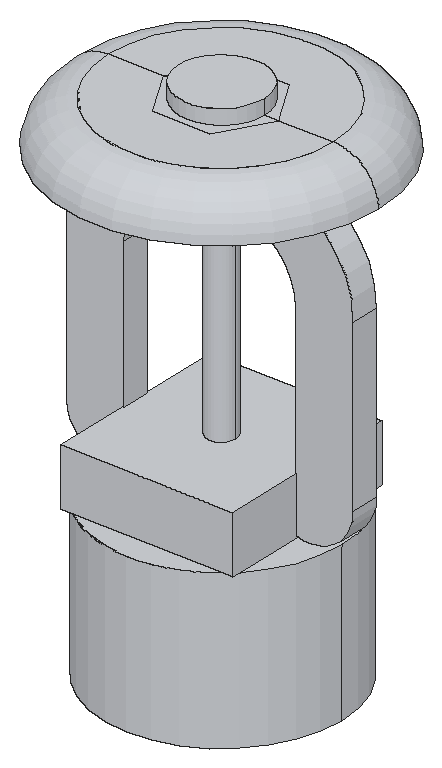
Revit family
Parameters (values of type "RASCO F1FR-300 UPRIGHT")
  Temperature Rating = 200 °F
  Response = 1
  RASCO SIN # = "R5622"
  RASCO Part # = "F1FRU2LC3"
  Pressure Rating = "300 PSI"
  Pressure Class = (empty or 0)
  Orifice Size = 17/32"
  Orifice = (empty or 0)
  Model = "F1FR-300"
  Manufacturer = "RASCO"
  K-Factor = 8
  Description = "Chrome Finish"
  Coverage = (empty or 0)
Reference planes (in)
  plane 1 "Center (Front/Back)": y = 0
  plane 2: z = 0
  plane 3 "Center (Left/Right)": x = 0
Dimensions and locks (in)
  aligned and locked: plane 2 to level
Nested families (in)
  nested 1: "F1FRU2LC3" at (0.11228, 0.02593, 0), type "RASCO F1FR-300 UPRIGHT"
Connectors (in)
  piping at (0.11228, 0.02593, 0)
    settings: on nested 1, index 1, connector radius 1/2", flow factor 0, pipe flow 0 GPM, pressure drop 0.00 psi, fitting loss kfactor 0, connector angle 0.00°, fixture units 0, flow configuration 0, flow direction 0, fitting loss method 0, system type 7, connector reference index -1, connector utility 0, adjustable connector no, is connector primary yes, fitting loss table "", connector description ""
Definition of nested family "F1FRU2LC3"
  Parameters (values of type "RASCO F1FR-300 UPRIGHT")
    Type Comments = ""
    Temperature Rating = 0 °F
    Response = (empty or 0)
    Pressure Rating = "0"
    Pressure Class = (empty or 0)
    Orifice Size = 0"
    Orifice = (empty or 0)
    Model = ""
    Manufacturer = ""
    K-Factor = 0
    Description = ""
    Coverage = (empty or 0)
    Assembly Code = ""
  Reference planes (in)
    plane 1 "Center (Front/Back)": y = 0
    plane 2: z = 0
    plane 3 "ref.2": z = 0.6875
    plane 4 "ref.3": z = 0.9375
    plane 5: x = -0.38065
    plane 6: x = 0.36935
    plane 7 "ref. side 1": y = 0.06402
    plane 8 "ref. side 2": y = -0.06098
    plane 9 "ref.4": z = 1.875
    plane 10 "ref.5": z = 2.3125
    plane 11 "ref.6": z = 2.4375
  Forms (in)
    Extrusion 1, solid
      sketch origin (0, 0, 0) x (1, 0, 0) y (0, 1, 0)
        loop
          circle (0, 0) r 0.5221
      from 0 to 0.6875
    Extrusion 2, solid
      sketch origin (-0.12185, 0.05177, 0.6875) x (1, 0, 0) y (0, 1, 0)
        loop
          line (-0.2588, 0.356) -> (-0.2588, -0.4565) -> (0.4912, -0.4565) -> (0.4912, 0.356) -> (-0.2588, 0.356)
      from 0 to 0.25
    Extrusion 3, solid
      sketch origin (0, 0, 0) x (1, 0, 0) y (0, 0, 1)
        loop
          line (-0.38065, 0.69674) -> (-0.38065, 1.58397)
          arc (-0.38065, 1.58397) -> (-0.29541, 1.78976) -> (-0.08962, 1.875) r 0.29103
          line (-0.08962, 1.875) -> (0.07524, 1.875)
          arc (0.07524, 1.875) -> (0.28321, 1.78886) -> (0.36935, 1.58089) r 0.29411
          line (0.36935, 1.58089) -> (0.36935, 0.69728)
          arc (0.36935, 0.69728) -> (0.54046, 0.72329) -> (0.61935, 0.87734) r 0.18984
          line (0.61935, 0.87734) -> (0.61935, 1.61676)
          arc (0.61935, 1.61676) -> (0.48879, 1.93194) -> (0.17361, 2.0625) r 0.44574
          line (0.17361, 2.0625) -> (-0.18509, 2.0625)
          arc (-0.18509, 2.0625) -> (-0.50015, 1.932) -> (-0.63065, 1.61694) r 0.44556
          line (-0.63065, 1.61694) -> (-0.63065, 0.87876)
          arc (-0.63065, 0.87876) -> (-0.55196, 0.72414) -> (-0.38065, 0.69674) r 0.19126
      from -0.06402 to 0.06098
    Extrusion 4, solid
      sketch origin (0, 0, 0.9375) x (-1, 0, 0) y (0, -1, 0)
        loop
          circle (0.00574, -0.00152) r 0.0625
      from 0 to 0.9375
    Extrusion 5, solid
      sketch origin (0, 0, 1.875) x (-1, 0, 0) y (0, -1, 0)
        loop
          circle (0.00574, -0.00152) r 0.1875
      from 0 to 0.4375
    Revolve 6, solid
      sketch origin (0, 0, -0.2777) x (1, 0, 0) y (0, 0, 1)
        loop
          line (-0.19324, 2.33367) -> (-0.19324, 2.52696) -> (-0.25733, 2.52696) -> (-0.49638, 2.52696)
          arc (-0.49638, 2.52696) -> (-0.63432, 2.47056) -> (-0.69321, 2.33367) r 0.19686
          line (-0.69321, 2.33367) -> (-0.19324, 2.33367)
        axis (-0.00574, 2.33367) -> (-0.00574, 2.52696)
      angle from 0 to 360
  Cuts and joins
    joined: Extrusion 1, Extrusion 2, Extrusion 4, Revolve 6
  Lines and regions (in)
    model lines
      curve 1: line (-0.00574, 0.06402, 1.875) -> (-0.00574, -0.06098, 1.875)
  Dimensions and locks (in)
    Extrusion 3 to Extrusion 3 = 0' - 1 1/4"
    Extrusion 5 to cut or joined group of Extrusion 1, Extrusion 2, Extrusion 4, Revolve 6 = 0' - 2 5/16"
